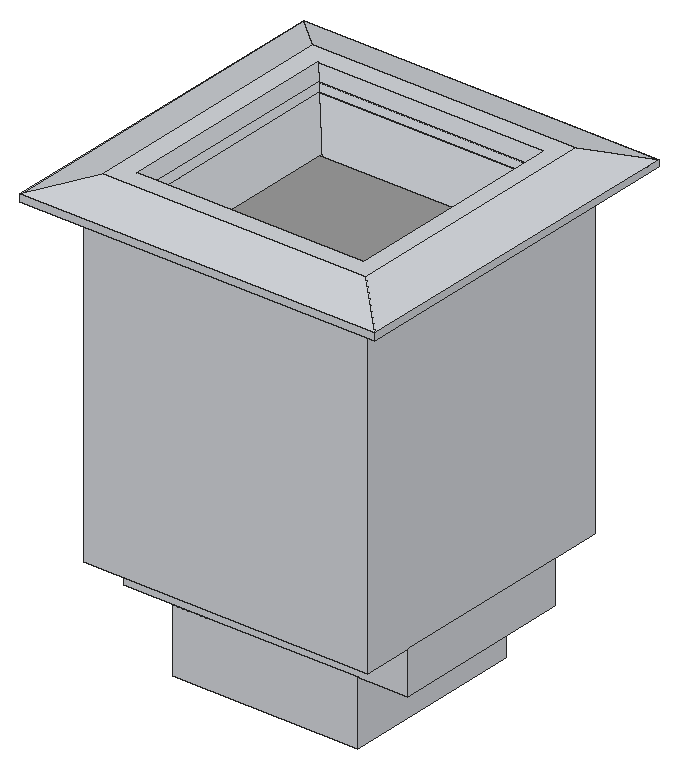
Revit family "2061303 Sylvania Lighting Fixture DOMINO 1xLED 930 BLACK NB TRIM BLACK DALI", category Lighting Fixtures, host Face, Revit 2018
Family settings
  Host = Face
  Round Connector Dimension = Use Diameter
  Part Type = Normal
  OmniClass Number = 23.80.70.00
  OmniClass Title = Lighting
  Cut with Voids When Loaded = No
  Light Source = Yes
  Shared = No
  Room Calculation Point = No
Parameters (values of type "2061303 DOMINO 1XLED 930 BLACK NB TR BLK DALI")
  top top width = 15.812 mm
  top top length = 26 mm
  Width = 50 mm
  Weight = "n/a"
  Wattage Comments = ""
  Wattage = 9.2903 W
  WarrantyStartDate [instance] = "n/a"
  WarrantyGuarantorParts = "n/a"
  WarrantyDurationUnit = "n/a"
  WarrantyDurationParts = ""
  WarrantyDescription = "http://www.sylvania-lighting.com"
  built-in parameter 1150110 = 1 (stored number, unit not read)
  Voltage = 0 V
  URL = "0.96"
  TypeName = "DOMINO 1xLED 930 BLACK NB TRIM BLACK DALI"
  Type Image = <None>
  Type Comments = "n/a"
  built-in parameter 1114217 = 1 (stored number, unit not read)
  Top Width = 26 mm
  Tilt Angle = 90.00°
  built-in parameter 1150109 = 1 (stored number, unit not read)
  built-in parameter 1150134 = 3
  built-in parameter 1150113 = 1 (stored number, unit not read)
  SerialNumber [instance] = "n/a"
  Recessed Width = 43 mm
  Recessed Length = 43 mm
  Photometric Web File = "2061303.ies"
  Material_3_FEILO = none
  PowerFactor = 0
  PowerConsumption = "Lighting"
  NominalLength = 50 mm
  NominalHeight = 0 mm
  NominalDepth = 0 mm
  Name = "DOMINO 1xLED 930 BLACK NB TRIM BLACK DALI"
  ModelReference = Name  # "DOMINO 1xLED 930 BLACK NB TRIM BLACK DALI"
  ModelNumber = "2061303"
  Model = Name  # "DOMINO 1xLED 930 BLACK NB TRIM BLACK DALI"
  Material = "Feilo Sylvania"
  ManufacturerName = "45 lm/W"
  Manufacturer = ""
  LuminousEfficacy = ""
  built-in parameter 1150105 = 109.82 (stored number, unit not read)
  Lumens = 1380 lm
  LuminaireType = "0"
  built-in parameter 1150115 = 1 (stored number, unit not read)
  LightOutputRatio = "LED"
  built-in parameter 1150137 = (empty or 0)
  built-in parameter 1150139 = (empty or 0)
  Lens inside recess = 25 mm
  Lens Width = 32 mm
  Lens Outside recess = 31.978 mm
  Lens = Glass, White, High Luminance
  Length = 50 mm
  LampsType = Lamp  # "n/a"
  LampNominalLuminous = "3000 K"
  LampMacAdamStep = "90"
  LampColourTemperature = "LED"
  LampColourRenderingIndex = "16500"
  built-in parameter 1150112 = 1 (stored number, unit not read)
  built-in parameter 1150114 = 1 (stored number, unit not read)
  Lamp = "n/a"
  Keynote = "n/a"
  InstallationDate [instance] = "n/a"
  InputVoltage = "0"
  InputNominalFrequency = "3000"
  built-in parameter 1150132 = (empty or 0)
  built-in parameter 1150102 = (empty or 0)
  built-in parameter 1150107 = 3200 (stored number, unit not read)
  built-in parameter 1150138 = (empty or 0)
  IngressProtection = "IfcLightFixtureType"
  ImpactProtectionIndex = "IfcLightFixtureType"
  built-in parameter 1150106 = 1.0982 (stored number, unit not read)
  IfcExportType = "IfcLightFixtureType"
  IfcExportAs = "Class II"
  Facia internal width = 37 mm
  Facia internal length = 37 mm
  Facia Height = 2 mm
  ExpectedLife = 50000
  Emit from Circle Diameter = 609.6 mm
  Emit Shape Visible in Rendering = no
  ElectricShockClassification = "45"
  built-in parameter 1150104 = 13.8 (stored number, unit not read)
  DurationUnit = "hours"
  DocumentationLiterature = "http://www.sylvania-lighting.com/product/en-int/products/2061303"
  DimmingControlOptions = "n/a"
  Material_2_FEILO = none
  Dimming Lamp Color Temperature Shift = <None>
  Description = "Modular LED recessed linear spotlight, ideal for retail and hospitality applications. Die-cast aluminium body, passive cooling. Two levels of reflector installation, low glaring UGR<16. 1x LED source, 15° beam angle , optics: PMMA lens and polycarbonate reflector combination, Black matt reflector finish. Light color temperature: 3000K warm white, total system power: 4W , total fixture lumen output: 180lm, efficacy: 45 lm/W, Ra90 typical, LED chromacity: 3 step MacAdam ellipse (SDCM3), lifespan: 96,000 hours at 90% of the original output (L90B10), IR/UV free light source without heat radiation, operating voltage: 220-240V / 50-60Hz, electronic driver, ultra low flicker, DALI , electrical protection: Class II. Degree of Protection: IP40/IP20, suitable for indoor environment only. Ceiling cut-out: 43x43mm, outer dimensions:  50x50mm trim frame RAL 9005 - Jet black color.5 years Warranty."
  Default Elevation = 1219.2 mm
  CreatedOn = "09/02/2021"
  CreatedBy = "@sylvania-lighting.com"
  Cost = 0
  Color Filter = 16777215
  built-in parameter 1114216 [instance] = (empty or 0)
  ClassificationValue = "EF_70_80"
  ClassificationName = "Uniclass2015"
  Material_1_FEILO = none
  Body Width = 40 mm
  Body Length = 40 mm
  BarCode [instance] = "n/a"
  built-in parameter 1114218 = 1 (stored number, unit not read)
  built-in parameter 1150133 = 10 (stored number, unit not read)
  AssetType = "Fixed"
  AssetIdentifier [instance] = "n/a"
  Assembly Code = "D5020200"
  Apparent Load = 4 VA
  Material_4_FEILO = none
Reference planes
  plane 1 "Center (Front/Back)": y = 0
  plane 2: z = 0
  plane 3 "Center (Left/Right)": x = 0
  plane 4: z = 0
  plane 5: z = -7
  plane 6: z = -45.895
  plane 7: z = -51.895
  plane 8: z = -60.895
  plane 9: x = -21.5
  plane 10: x = 21.5
  plane 11: y = 21.5
  plane 12: y = -21.5
  plane 13: x = -25
  plane 14: x = 25
  plane 15: y = 25
  plane 16: y = -25
  plane 17: x = 18.5
  plane 18: x = -18.5
  plane 19: y = 18.5
  plane 20: y = -18.5
  plane 21: z = 2
  plane 22: x = -20
  plane 23: x = 20
  plane 24: y = 20
  plane 25: y = -20
  plane 26: y = 13
  plane 27: y = -13
  plane 28: y = 16
  plane 29: y = -16
  plane 30: x = 13
  plane 31: x = -13
  plane 32: x = -15.772
  plane 33: x = 16.206
  plane 34: y = 12.5
  plane 35: y = -12.5
  plane 36: x = -12.5
  plane 37: x = 12.5
Forms (mm)
  Extrusion 1, solid, not visible, detail levels medium+fine
    sketch origin (4.2, 0, 0) x (1, 0, 0) y (0, 1, 0)
      loop
        line (-29.2, 34.5) -> (-29.2, -34.5) -> (20.8, -34.5) -> (20.8, 34.5) -> (-29.2, 34.5)
    from 0 to 1
  Extrusion 2, solid, not visible, detail levels medium+fine
    sketch origin (4.044, 0, 0) x (1, 0, 0) y (0, 1, 0)
      loop
        line (-29.2, 34.5) -> (-29.2, -34.5) -> (20.8, -34.5) -> (20.8, 34.5) -> (-29.2, 34.5)
    from 0 to 1
  Blend 3, solid, not visible, detail levels medium+fine
    base sketch origin (4.2, 0, 0) x (1, 0, 0) y (0, 1, 0)
      loop
        line (-29.2, 34.5) -> (-29.2, -34.5) -> (20.8, -34.5) -> (20.8, 34.5) -> (-29.2, 34.5)
    top sketch origin (4.2, 0, 0) x (1, 0, 0) y (0, 1, 0)
      loop
        line (-21.7, 28) -> (-21.7, -28) -> (13.3, -28) -> (13.3, 28) -> (-21.7, 28)
    from 1 to 3
  Extrusion 4, solid, not visible, detail levels medium+fine
    sketch origin (3.419, 0, 0) x (1, 0, 0) y (0, 1, 0)
      loop
        line (-29.2, 34.5) -> (-29.2, -34.5) -> (20.8, -34.5) -> (20.8, 34.5) -> (-29.2, 34.5)
    from 0 to 1
  Blend 5, solid, not visible, detail levels medium+fine
    base sketch origin (3.575, 0, 0) x (1, 0, 0) y (0, 1, 0)
      loop
        line (-29.2, 34.5) -> (-29.2, -34.5) -> (20.8, -34.5) -> (20.8, 34.5) -> (-29.2, 34.5)
    top sketch origin (3.575, 0, 0) x (1, 0, 0) y (0, 1, 0)
      loop
        line (-21.7, 28) -> (-21.7, -28) -> (13.3, -28) -> (13.3, 28) -> (-21.7, 28)
    from 1 to 3
  Extrusion 6, solid, not visible, detail levels medium+fine
    sketch origin (4.247, 0, 0) x (1, 0, 0) y (0, 1, 0)
      loop
        line (-29.2, 34.5) -> (-29.2, -34.5) -> (20.8, -34.5) -> (20.8, 34.5) -> (-29.2, 34.5)
    from 0 to 1
  Blend 7, solid, not visible, detail levels medium+fine
    base sketch origin (4.403, 0, 0) x (1, 0, 0) y (0, 1, 0)
      loop
        line (-29.2, 34.5) -> (-29.2, -34.5) -> (20.8, -34.5) -> (20.8, 34.5) -> (-29.2, 34.5)
    top sketch origin (4.403, 0, 0) x (1, 0, 0) y (0, 1, 0)
      loop
        line (-21.7, 28) -> (-21.7, -28) -> (13.3, -28) -> (13.3, 28) -> (-21.7, 28)
    from 1 to 3
  Extrusion 8, void, detail levels medium+fine
    sketch origin (4.2, 0, 0) x (0, 1, 0) y (1, 0, 0)
      loop
        line (21.5, -25.7) -> (21.5, 17.3) -> (-21.5, 17.3) -> (-21.5, -25.7) -> (21.5, -25.7)
    from -9.934 to 83.097
  Extrusion 9, solid, detail levels medium+fine
    sketch origin (4.2, 0, 0) x (1, 0, 0) y (0, 1, 0)
      loop
        line (-29.2, 25) -> (-29.2, -25) -> (20.8, -25) -> (20.8, 25) -> (-29.2, 25)
    from 0 to 1
  Extrusion 10, solid, detail levels medium+fine
    sketch origin (4.2, 0, 0) x (1, 0, 0) y (0, 1, 0)
      loop
        line (-24.2, 20) -> (-24.2, -20) -> (15.8, -20) -> (15.8, 20) -> (-24.2, 20)
    from 0 to -45.895
  Extrusion 11, solid, detail levels medium+fine
    sketch origin (4.2, 0, 0) x (1, 0, 0) y (0, 1, 0)
      loop
        line (-24.2, 13) -> (-24.2, -13) -> (15.8, -13) -> (15.8, 13) -> (-24.2, 13)
    from -51.895 to -45.895
  Extrusion 12, solid, material "Glass, White, High Luminance" <- "Lens", detail levels fine
    sketch origin (13.547, 1218.849, 36.156) x (1, 0, 0) y (0, 1, 0)
      loop
        line (-26.047, -1206.7) -> (-26.047, -1231.7) -> (-1.047, -1231.7) -> (-1.047, -1206.7) -> (-26.047, -1206.7)
    from -43.156 to -42.182
  Blend 13, solid, detail levels medium+fine
    base sketch origin (4.2, 0, 0) x (1, 0, 0) y (0, 1, 0)
      loop
        line (-29.2, 25) -> (-29.2, -25) -> (20.8, -25) -> (20.8, 25) -> (-29.2, 25)
    top sketch origin (4.2, 0, 0) x (1, 0, 0) y (0, 1, 0)
      loop
        line (-22.7, 18.5) -> (-22.7, -18.5) -> (14.3, -18.5) -> (14.3, 18.5) -> (-22.7, 18.5)
    from 1 to 3
  Extrusion 14, solid, detail levels fine
    sketch origin (0, 0, 0) x (1, 0, 0) y (0, 0, 1)
      loop
        line (-13, -51.895) -> (-13, -60.895) -> (13, -60.895) -> (13, -51.895) -> (-13, -51.895)
    from -13 to 13
  Blend 15, void, detail levels medium+fine
    base sketch origin (4.2, 0, 0) x (0, 1, 0) y (-1, 0, 0)
      loop
        line (16, 19.972) -> (-16, 19.972) -> (-16, -12.006) -> (16, -12.006) -> (16, 19.972)
    top sketch origin (4.2, 0, 0) x (0, 1, 0) y (-1, 0, 0)
      loop
        line (12.5, 16.7) -> (-12.5, 16.7) -> (-12.5, -8.3) -> (12.5, -8.3) -> (12.5, 16.7)
    from 3 to -7
  Extrusion 16, solid, detail levels coarse
    sketch origin (4.2, 0, 0) x (1, 0, 0) y (0, 1, 0)
      loop
        line (-29.2, 25) -> (-29.2, -25) -> (20.8, -25) -> (20.8, 25) -> (-29.2, 25)
    from 3 to -60.895
Cuts and joins
  Blend 15 cuts Extrusion 9
  Blend 15 cuts Extrusion 10
  Blend 15 cuts Blend 13
Dimensions and locks
  "Recessed Length": plane 9 to plane 10
  equal spacing: plane 9, plane 3 "Center (Left/Right)", plane 10
  "Length": plane 13 to plane 14
  equal spacing: plane 13, plane 3 "Center (Left/Right)", plane 14
  "Recessed Width": plane 11 to plane 12
  equal spacing: plane 11, plane 1 "Center (Front/Back)", plane 12
  "Width": plane 15 to plane 16
  equal spacing: plane 15, plane 1 "Center (Front/Back)", plane 16
  "Facia internal length": plane 18 to plane 17
  equal spacing: plane 18, plane 3 "Center (Left/Right)", plane 17
  "Facia internal width": plane 19 to plane 20
  equal spacing: plane 19, plane 1 "Center (Front/Back)", plane 20
  "Facia Height": plane 21 to host face
  "Body Length": plane 22 to plane 23
  equal spacing: plane 22, plane 3 "Center (Left/Right)", plane 23
  "Body Width": plane 24 to plane 25
  equal spacing: plane 24, plane 1 "Center (Front/Back)", plane 25
  "Top Width": plane 26 to plane 27
  equal spacing: plane 26, plane 1 "Center (Front/Back)", plane 27
  "Lens Width": plane 28 to plane 29
  equal spacing: plane 28, plane 1 "Center (Front/Back)", plane 29
  "top top length": plane 31 to plane 30
  equal spacing: plane 31, plane 3 "Center (Left/Right)", plane 30  (x2)
  plane 30 to plane 31 = 26 mm
  equal spacing: plane 30, plane 3 "Center (Left/Right)", plane 31
  "Lens Outside recess": plane 32 to plane 33
  "Lens inside recess": plane 34 to plane 35
  equal spacing: plane 34, plane 1 "Center (Front/Back)", plane 35
  aligned and locked: plane 2 to host face
  aligned and locked: level to host face
  aligned and locked: Extrusion 11 to plane 7
  aligned and locked: Extrusion 10 to plane 6
  aligned and locked: cut or joined group of Blend 13, Blend 15 to Blend 15
Automatic sketch dimensions
  host sketch curve to host sketch curve = 2438.4 mm  (x2)
  Extrusion 1 sketch curve to Extrusion 1 sketch curve = 50 mm
  Extrusion 1 sketch curve to Extrusion 1 sketch curve = 69 mm
  Extrusion 2 sketch curve to Extrusion 2 sketch curve = 50 mm
  Extrusion 2 sketch curve to Extrusion 2 sketch curve = 69 mm
  Blend 3 sketch curve to Blend 3 sketch curve = 50 mm
  Blend 3 sketch curve to Blend 3 sketch curve = 69 mm
  Blend 3 sketch curve to Blend 3 sketch curve = 35 mm
  Blend 3 sketch curve to Blend 3 sketch curve = 56 mm
  Extrusion 4 sketch curve to Extrusion 4 sketch curve = 50 mm
  Extrusion 4 sketch curve to Extrusion 4 sketch curve = 69 mm
  Blend 5 sketch curve to Blend 5 sketch curve = 50 mm
  Blend 5 sketch curve to Blend 5 sketch curve = 69 mm
  Blend 5 sketch curve to Blend 5 sketch curve = 35 mm
  Blend 5 sketch curve to Blend 5 sketch curve = 56 mm
  Extrusion 6 sketch curve to Extrusion 6 sketch curve = 50 mm
  Extrusion 6 sketch curve to Extrusion 6 sketch curve = 69 mm
  Blend 7 sketch curve to Blend 7 sketch curve = 50 mm
  Blend 7 sketch curve to Blend 7 sketch curve = 69 mm
  Blend 7 sketch curve to Blend 7 sketch curve = 35 mm
  Blend 7 sketch curve to Blend 7 sketch curve = 56 mm
  plane 9 to Extrusion 8 sketch curve = 0 mm
  Extrusion 8 sketch curve to plane 12 = 0 mm
  Extrusion 8 sketch curve to plane 11 = 0 mm
  Extrusion 8 sketch curve to plane 10 = 0 mm
  plane 13 to Extrusion 9 sketch curve = 0 mm
  plane 14 to Extrusion 9 sketch curve = 0 mm
  Extrusion 9 sketch curve to plane 16 = 0 mm
  Extrusion 9 sketch curve to plane 15 = 0 mm
  Extrusion 10 sketch curve to plane 22 = 0 mm
  Extrusion 10 sketch curve to plane 23 = 0 mm
  Extrusion 10 sketch curve to plane 25 = 0 mm
  Extrusion 10 sketch curve to plane 24 = 0 mm
  Extrusion 11 sketch curve to plane 22 = 0 mm
  Extrusion 11 sketch curve to plane 23 = 0 mm
  Extrusion 11 sketch curve to plane 27 = 0 mm
  Extrusion 11 sketch curve to plane 26 = 0 mm
  Extrusion 12 sketch curve to plane 11 = 9.351 mm
  plane 1 "Center (Front/Back)" to Extrusion 12 sketch curve = 12.851 mm
  plane 18 to Extrusion 12 sketch curve = 6 mm
  Blend 13 sketch curve to plane 13 = 0 mm
  Blend 13 sketch curve to plane 14 = 0 mm
  Blend 13 sketch curve to plane 16 = 0 mm
  Blend 13 sketch curve to plane 15 = 0 mm
  Blend 13 sketch curve to plane 18 = 0 mm
  Blend 13 sketch curve to plane 17 = 0 mm
  Blend 13 sketch curve to plane 20 = 0 mm
  Blend 13 sketch curve to plane 19 = 0 mm
  Extrusion 12 sketch curve to Extrusion 12 sketch curve = 25 mm
  Extrusion 14 sketch curve to plane 8 = 0 mm
  Extrusion 14 sketch curve to plane 31 = 0 mm
  Extrusion 14 sketch curve to plane 30 = 0 mm
  Extrusion 14 sketch curve to plane 7 = 0 mm
  Blend 15 sketch curve to plane 29 = 0 mm
  Blend 15 sketch curve to plane 28 = 0 mm
  Blend 15 sketch curve to plane 33 = 0 mm
  Blend 15 sketch curve to plane 32 = 0 mm
  Blend 15 sketch curve to plane 35 = 0 mm
  Blend 15 sketch curve to plane 34 = 0 mm
  Blend 15 sketch curve to plane 37 = 0 mm
  Blend 15 sketch curve to plane 36 = 0 mm
  Extrusion 16 sketch curve to plane 13 = 0 mm
  Extrusion 16 sketch curve to plane 14 = 0 mm
  Extrusion 16 sketch curve to plane 16 = 0 mm
  Extrusion 16 sketch curve to plane 15 = 0 mm
Connectors
  electrical at (0, 0, -60.895)
    settings: on Extrusion 14, index 1, voltage 0 V, apparent load 0 VA, apparent load phase1 0 VA, apparent load phase2 0 VA, apparent load phase3 0 VA, power factor 1, load classification "Other", number of poles 1, system type 31, power factor state 1, is connector primary yes, connector utility no, sub classification motor no, connector description ""
